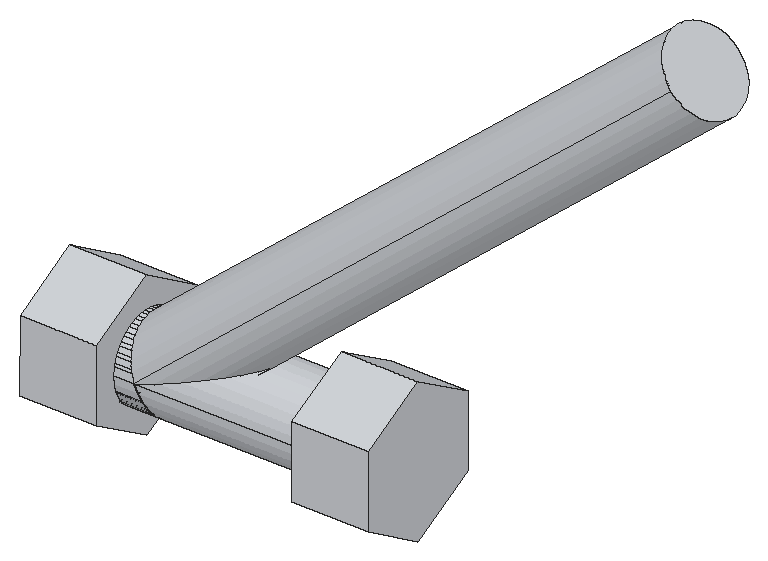
Revit family "304_Cim727OTS-_", category Pipe Accessories, Revit 2017
Family settings
  Round Connector Dimension = Use Diameter
  Part Type = Valve - Breaks Into
  Work Plane-Based = No
  Always vertical = Yes
  Cut with Voids When Loaded = No
  Shared = No
Parameters (values of type "Cim727OTS-15")
  magi_piping_given_dp [instance] = 0.0 Pa
  magiProductId = "Cim727OTS-15"
  magiProductFamilyId = "Cim727OTS-*"
  magiProductCode = "Cim727OTS-15"
  magiPartTypeId = 304
  ang2D [instance] = 0.00°
  Z = 88 mm
  XX1 = 104.874 mm
  X = 90 mm
  W2D = 15 mm
  VersionID = "2.0/2015.11/CIMBERIO_CIM727_Q13_001"
  Use Minimum Symbol Size [instance] = yes
  URL = "www.cimberio.it"
  R1 = 14 mm
  QmdConnectorList = "301;D;302;D"
  Productdata [instance] = "© Progman Oy, all rights reserved"
  Manufacturer = "Cimberio"
  MC_Default_elevation = 0 mm
  LL2 = 38 mm
  LL1 = 34 mm
  L2D_Min = 3048 mm
  L2D = 68 mm
  Description = "BALANCING VALVE FOR SOLAR HEATING SYSTEMS - PN 20"
  DL__ve = -DL  # -15 mm
  DL = 15 mm
  D1 = 16.5 mm
  D = 15 mm
  CenSd_R1_6 = R1 * cos(30.00°)  # 12.124 mm
  CAT0 = yes
Types (7, lengths in mm): name | magiProductId | magiProductCode | Z | XX1 | X | W2D | R1 | LL2 | LL1 | L2D | DL__ve | DL | D1 | D | CenSd_R1_6
  Cim727OTS-15 | "Cim727OTS-15" | "Cim727OTS-15" | 88 | 104.874 | 90 | 15 | 14 | 38 | 34 | 68 | -15 | 15 | 16.5 | 15 | 12.124
  Cim727OTS-50 | "Cim727OTS-50" | "Cim727OTS-50" | 177 | 177 | 142 | 50 | 35.5 | 91.6 | 71.5 | 143 | -25.7 | 25.7 | 55 | 50 | 30.744
  Cim727OTS-40 | "Cim727OTS-40" | "Cim727OTS-40" | 165 | 165 | 136 | 40 | 28 | 73.2 | 58 | 116 | -21.4 | 21.4 | 44 | 40 | 24.249
  Cim727OTS-32 | "Cim727OTS-32" | "Cim727OTS-32" | 128 | 128 | 102 | 32 | 25.5 | 65.2 | 54 | 108 | -21.4 | 21.4 | 35.2 | 32 | 22.084
  Cim727OTS-25 | "Cim727OTS-25" | "Cim727OTS-25" | 119 | 119 | 99 | 25 | 20 | 52.8 | 45.5 | 91 | -19.1 | 19.1 | 27.5 | 25 | 17.321
  Cim727OTS-20 | "Cim727OTS-20" | "Cim727OTS-20" | 105 | 125.134 | 105 | 20 | 16.5 | 44.4 | 38.5 | 77 | -16.3 | 16.3 | 22 | 20 | 14.289
  Cim727OTS-15L | "Cim727OTS-15L" | "Cim727OTS-15L" | 88 | 104.874 | 90 | 15 | 14 | 38 | 34 | 68 | -15 | 15 | 16.5 | 15 | 12.124
Reference planes
  plane 1 "Center (Front/Back)": y = 0
  plane 2 "XYPLANE": z = 0
  plane 3 "Center (Left/Right)": x = 0
  plane 4 "INIT_TEMP": y = 100
  plane 5 "75": x = -14.874
  plane 6 "74": x = -19
  plane 7 "73": x = 34
  plane 8 "72": x = -34
  plane 9 "71": z = 0
  plane 10 "70": y = 0
  plane 11 "68": x = 90
  plane 12 "67": z = 88
Forms (mm)
  Extrusion 1, solid, visible <- "CAT0"
    sketch origin (-19, -750, 0) x (0, 1, 0) y (0, 0, 1)
      loop
        circle (750, 0) r 8.25
    from 0 to 38 <- "LL2"
  Extrusion 2, solid, visible <- "CAT0"
    sketch origin (34, -750, 0) x (0, 1, 0) y (0, 0, 1)
      loop
        line (750, 14) -> (737.876, 7) -> (737.876, -7) -> (750, -14) -> (762.124, -7) -> (762.124, 7) -> (750, 14)
    from 0 to -15 <- "DL__ve"
  Extrusion 3, solid, visible <- "CAT0"
    sketch origin (-34, -750, 0) x (0, 1, 0) y (0, 0, 1)
      loop
        line (750, 14) -> (737.876, 7) -> (737.876, -7) -> (750, -14) -> (762.124, -7) -> (762.124, 7) -> (750, 14)
    from 0 to 15 <- "DL"
  Sweep 4, solid, visible <- "CAT0"
    path origin (750, 0, 0) x (-1, 0, 0) y (0, 0, 1)
      loop
        line (784, 0) -> (764.874, 0) -> (660, 88)
    profile origin (-34, 0, 0) x (0, 0, -1) y (0, 1, 0)
      loop
        circle (0, 0) r 8.25
  Extrusion 5, solid, not visible
    sketch origin (-34, -750, 0) x (0, 1, 0) y (0, 0, 1)
      loop
        circle (750, 0) r 10
    from 0 to 10
  Extrusion 6, solid, not visible
    sketch origin (34, -750, 0) x (0, 1, 0) y (0, 0, 1)
      loop
        circle (750, 0) r 10
    from 0 to -10
Lines and regions (mm)
  reference lines
    curve 1: circle (34, 0, 0) r 1 normal (-1, 0, 0)
    curve 2: circle (-34, 0, 0) r 1 normal (1, 0, 0)
Text (mm)
  text "© Progman Oy, all rights reserved" at (-472.209, -2482.653, 0), in view "Ref. Level"
Dimensions and locks
  plane 4 "INIT_TEMP" to plane 1 "Center (Front/Back)" = 100 mm
  "XX1": plane 11 "68" to plane 5 "75"
  "DL": plane 8 "72" to plane 6 "74"
  "LL1": plane 3 "Center (Left/Right)" to plane 7 "73"
  "LL1": plane 3 "Center (Left/Right)" to plane 8 "72"
  locked: plane 2 "XYPLANE" to plane 9 "71"
  locked: plane 1 "Center (Front/Back)" to plane 10 "70"
  "X": plane 3 "Center (Left/Right)" to plane 11 "68"
  "Z": plane 2 "XYPLANE" to plane 12 "67"
  "CenSd_R1_6": curve 1 to Extrusion 2 sketch curve  (x6)
  "R1": curve 1 to Extrusion 2 sketch curve  (x6)
  "CenSd_R1_6": curve 2 to Extrusion 3 sketch curve  (x6)
  "R1": curve 2 to Extrusion 3 sketch curve  (x6)
  "D1": diameter of Extrusion 1 sketch curve
  "D1": diameter of Sweep 4 sketch curve
  aligned and locked: level to plane 2 "XYPLANE"
  aligned and locked: plane 9 "71" to Extrusion 1 sketch curve
  aligned and locked: Extrusion 1 sketch curve to plane 10 "70"
  aligned and locked: plane 9 "71" to curve 1
  aligned and locked: curve 1 to plane 10 "70"
  aligned and locked: plane 9 "71" to curve 2
  aligned and locked: curve 2 to plane 10 "70"
  aligned and locked: plane 9 "71" to Sweep 4 sketch curve  (x3)
  aligned and locked: Sweep 4 sketch curve to plane 10 "70"
  aligned and locked: plane 8 "72" to Sweep 4 sketch curve
  aligned and locked: plane 5 "75" to Sweep 4 sketch curve  (x2)
  aligned and locked: plane 11 "68" to Sweep 4 sketch curve
  aligned and locked: plane 12 "67" to Sweep 4 sketch curve
  aligned and locked: plane 9 "71" to Extrusion 5 sketch curve
  aligned and locked: Extrusion 5 sketch curve to plane 10 "70"
  aligned and locked: plane 9 "71" to Extrusion 6 sketch curve
  aligned and locked: Extrusion 6 sketch curve to plane 10 "70"
Automatic sketch dimensions
  plane 1 "Center (Front/Back)" to Extrusion 5 sketch curve = 10 mm
  plane 1 "Center (Front/Back)" to Extrusion 6 sketch curve = 10 mm
  radius of curve 1 = 1 mm
  radius of curve 2 = 1 mm
Connectors
  piping at (-34, 0, 0), diameter 15, driven by "D"
    settings: on Extrusion 5, index 1, connector inside diameter 609.6 mm, connector length 0 mm, flow factor 0, pipe flow 0.0 L/s, pressure drop 0.0 Pa, fitting loss kfactor 0, connector angle 0.00°, fixture units 0, engagement length 0 mm, angle of deflection 0.00°, flow configuration 0, flow direction 0, fitting loss method 0, system type 29, joint type 0, gender type 0, connector reference index 2, connector utility 0, adjustable connector no, is connector primary yes, connector description ""
  piping at (34, 0, 0), diameter 15, driven by "D"
    settings: on Extrusion 6, index 2, connector inside diameter 609.6 mm, connector length 0 mm, flow factor 0, pipe flow 0.0 L/s, pressure drop 0.0 Pa, fitting loss kfactor 0, connector angle 0.00°, fixture units 0, engagement length 0 mm, angle of deflection 0.00°, flow configuration 0, flow direction 0, fitting loss method 0, system type 29, joint type 0, gender type 0, connector reference index 1, connector utility 0, adjustable connector no, is connector primary no, connector description ""
